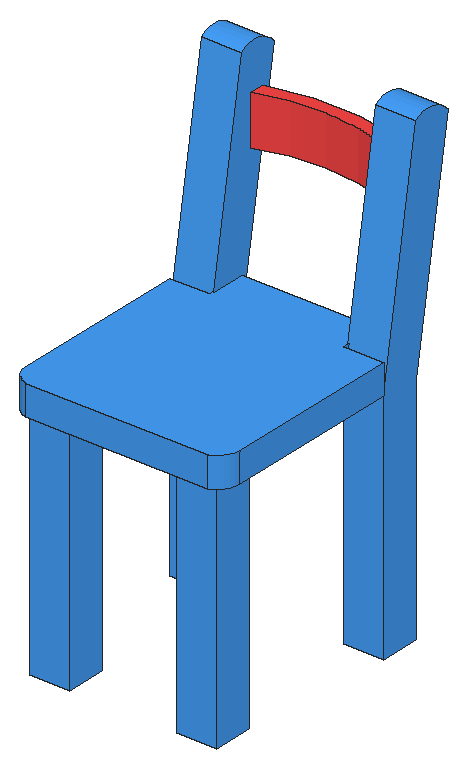
Revit family
Parameters
  Width = 0' - 10 25/32"
  Seat Thickness = 0' - 1 1/2"
  Seat Height = 1' - 1.38188"
  Seat Back Height = 1' - 9.38188"
  Seat Back = 0' - 6.76288"
  Seat = Seat
  Leg Spread = 0' - 4.70371"
  Depth 12.12 = 1' - 0 31/256"
  Chair Legs = Chair Legs
  Chair Back = Chair Back
Reference planes (in)
  plane 1 "Center Front/Back": y = 0
  plane 2: z = 0
  plane 3 "Center Left/Right": x = 0
  plane 4: x = -5.39062
  plane 5: x = 5.39063
  plane 6: y = 6.06055
  plane 7: y = -6.06055
  plane 8: z = 13.38188
  plane 9: z = 11.88188
  plane 10: y = -5.57464
  plane 11: y = -3.57464
  plane 12: x = -4.70371
  plane 13: x = -2.70371
  plane 14: y = -5.57464
  plane 15: y = -3.57464
  plane 16: x = 4.70371
  plane 17: x = 2.70371
  plane 18: y = 4.06055
  plane 19: x = 3.3618
  plane 20: z = 23.38188
  plane 21: y = 7.82459
  plane 22: y = 6.56055
  plane 23: x = -3.40107
  plane 24: z = 21.38188
  plane 25: z = 18.88188
Forms (in)
  Extrusion 1, solid, material "Seat" <- "Seat"
    sketch origin (0, 0, 0) x (1, 0, 0) y (0, 1, 0)
      loop
        line (-5.39062, 4.06055) -> (-5.39062, -4.96785)
        arc (-5.39062, -4.96785) -> (-5.13807, -5.65172) -> (-4.53447, -6.06055) r 1.19173
        line (-4.53447, -6.06055) -> (4.61011, -6.06055)
        arc (4.61011, -6.06055) -> (5.15448, -5.64407) -> (5.39063, -5.00061) r 1.22733
        line (5.39063, -5.00061) -> (5.39063, 4.06055) -> (3.39063, 4.06055) -> (3.39063, 6.06055) -> (-3.39062, 6.06055) -> (-3.39062, 4.06055) -> (-5.39062, 4.06055)
    from 11.88188 to 13.38188
  Extrusion 2, solid, material "Chair Legs" <- "Chair Legs"
    sketch origin (0, 0, 0) x (1, 0, 0) y (0, 1, 0)
      loop
        line (-4.70371, -3.57464) -> (-4.70371, -5.57464) -> (-2.70371, -5.57464) -> (-2.70371, -3.57464) -> (-4.70371, -3.57464)
    from 0 to 11.88188
  Extrusion 3, solid, material "Chair Legs" <- "Chair Legs"
    sketch origin (0, 0, 0) x (-1, 0, 0) y (0, -1, 0)
      loop
        line (-4.70371, 3.57464) -> (-2.70371, 3.57464) -> (-2.70371, 5.57464) -> (-4.70371, 5.57464) -> (-4.70371, 3.57464)
    from 0 to 11.88188
  Extrusion 4, solid, material "Chair Legs" <- "Chair Legs"
    sketch origin (0, 0, -2.79448) x (0, 1, 0) y (0, 0, 1)
      loop
        line (6.06055, 2.79448) -> (6.06055, 14.52976) -> (8.05292, 25.82906)
        arc (8.05292, 25.82906) -> (7.13893, 26.40436) -> (6.0833, 26.17636) r 1.42987
        line (6.0833, 26.17636) -> (4.06055, 14.70473) -> (4.06055, 2.79448) -> (6.06055, 2.79448)
    from 3.3618 to 5.39062
  Extrusion 5, solid, material "Chair Back" <- "Chair Back"
    sketch origin (0, 0, 0) x (1, 0, 0) y (0, 1, 0)
      loop
        line (-3.3618, 7.32459) -> (-3.3618, 6.56055)
        arc (-3.3618, 6.56055) -> (0, 7.15581) -> (3.3618, 6.56055) r 9.79073
        line (3.3618, 6.56055) -> (3.3618, 7.32459)
        arc (3.3618, 7.32459) -> (0, 7.82756) -> (-3.3618, 7.32459) r 11.48656
    from 18.88188 to 21.38188
  Extrusion 6, solid, material "Chair Legs" <- "Chair Legs"
    sketch origin (0, 0, -2.79448) x (0, 1, 0) y (0, 0, -1)
      loop
        line (6.06055, -2.79448) -> (4.06055, -2.79448) -> (4.06055, -14.70473) -> (6.0833, -26.17636)
        arc (6.0833, -26.17636) -> (7.13893, -26.40436) -> (8.05292, -25.82906) r 1.42987
        line (8.05292, -25.82906) -> (6.06055, -14.52976) -> (6.06055, -2.79448)
    from 3.3618 to 5.39062
Dimensions and locks (in)
  equal spacing: plane 4, plane 3 "Center Left/Right", plane 5
  "Width": plane 4 to plane 5
  equal spacing: plane 6, plane 1 "Center Front/Back", plane 7
  "Depth 12.12": plane 6 to plane 7
  "Seat Height": plane 8 to level
  "Seat Thickness": plane 8 to plane 9
  "Leg Spread": plane 12 to plane 3 "Center Left/Right"
  "Leg Spread": plane 3 "Center Left/Right" to plane 16
  "Seat Back": plane 23 to plane 19
  "Seat Back Height": level to plane 24
  aligned and locked: level to plane 2
  aligned and locked: plane 6 to Extrusion 1
  aligned and locked: plane 5 to Extrusion 1
  aligned and locked: Extrusion 1 to plane 7
  aligned and locked: Extrusion 1 to plane 4
  aligned and locked: plane 8 to Extrusion 1
  aligned and locked: Extrusion 1 to plane 9
  aligned and locked: Extrusion 2 to plane 11
  aligned and locked: Extrusion 2 to plane 12
  aligned and locked: Extrusion 2 to plane 10
  aligned and locked: Extrusion 2 to plane 13
  aligned and locked: plane 15 to Extrusion 3
  aligned and locked: plane 16 to Extrusion 3
  aligned and locked: plane 14 to Extrusion 3
  aligned and locked: plane 17 to Extrusion 3
  aligned and locked: plane 9 to Extrusion 2
  aligned and locked: plane 9 to Extrusion 3
  aligned and locked: Extrusion 3 to level
  aligned and locked: Extrusion 2 to level
  aligned and locked: plane 6 to Extrusion 4
  aligned and locked: Extrusion 4 to level
  aligned and locked: plane 19 to Extrusion 4
  aligned and locked: plane 5 to Extrusion 4
  aligned and locked: Extrusion 5 to plane 19
  aligned and locked: plane 24 to Extrusion 5
  aligned and locked: Extrusion 5 to plane 25
Automatic sketch dimensions
  Extrusion 1 sketch curve to plane 4 = 0' - 0"
  Extrusion 1 sketch curve to plane 7 = 0' - 0"
  plane 18 to Extrusion 1 sketch curve = 0' - 0"  (x2)
  Extrusion 1 sketch curve to plane 6 = 0' - 0"
  Extrusion 1 sketch curve to plane 5 = 0' - 0"
  plane 12 to Extrusion 1 sketch curve = 0' - 0.16924"
  plane 12 to Extrusion 1 sketch curve = 0' - 0.50372"
  Extrusion 1 sketch curve to plane 23 = 0' - 0.01045"
  Extrusion 1 sketch curve to plane 19 = 0' - 0.02882"
  plane 16 to Extrusion 1 sketch curve = 0' - 0.53752"
  plane 16 to Extrusion 1 sketch curve = 0' - 0.0936"
  plane 10 to Extrusion 1 sketch curve = 0' - 0.57402"
  plane 10 to Extrusion 1 sketch curve = 0' - 0.60679"
  Extrusion 2 sketch curve to plane 10 = 0' - 0"
  Extrusion 2 sketch curve to plane 12 = 0' - 0"
  Extrusion 2 sketch curve to plane 13 = 0' - 0"
  plane 11 to Extrusion 2 sketch curve = 0' - 0"
  Extrusion 3 sketch curve to plane 10 = 0' - 0"
  Extrusion 3 sketch curve to plane 16 = 0' - 0"
  Extrusion 3 sketch curve to plane 17 = 0' - 0"
  plane 11 to Extrusion 3 sketch curve = 0' - 0"
  Extrusion 4 sketch curve to plane 18 = 0' - 0"
  Extrusion 4 sketch curve to plane 6 = 0' - 0"
  Extrusion 4 sketch curve to plane 20 = 0' - 0"
  Extrusion 4 sketch curve to level = 0' - 0"
  plane 6 to Extrusion 4 sketch curve = 0' - 0.02276"
  Extrusion 4 sketch curve to plane 22 = 0' - 0.33009"
  plane 21 to Extrusion 4 sketch curve = 0' - 0.22833"
  Extrusion 4 sketch curve to plane 9 = 0' - 0.1466"
  plane 9 to Extrusion 4 sketch curve = 0' - 0.02838"
  plane 24 to Extrusion 4 sketch curve = 0' - 0.81986"
  plane 22 to Extrusion 5 sketch curve = 0' - 0"  (x2)
  Extrusion 5 sketch curve to plane 3 "Center Left/Right" = 0' - 0"  (x2)
  Extrusion 5 sketch curve to plane 19 = 0' - 0"
  Extrusion 5 sketch curve to plane 11 = 0' - 0.93971"
  plane 11 to Extrusion 5 sketch curve = 0' - 0.08436"
  Extrusion 5 sketch curve to plane 21 = 0' - 0 1/2"
  Extrusion 6 sketch curve to plane 18 = 0' - 0"
  Extrusion 6 sketch curve to plane 6 = 0' - 0"
  Extrusion 6 sketch curve to plane 20 = 0' - 0"
  Extrusion 6 sketch curve to level = 0' - 0"
  plane 6 to Extrusion 6 sketch curve = 0' - 0.02276"
  Extrusion 6 sketch curve to plane 22 = 0' - 0.33009"
  plane 21 to Extrusion 6 sketch curve = 0' - 0.22833"
  Extrusion 6 sketch curve to plane 20 = 0' - 0.3473"
  plane 9 to Extrusion 6 sketch curve = 0' - 0.02838"
  Extrusion 6 sketch curve to plane 9 = 0' - 0.1466"
